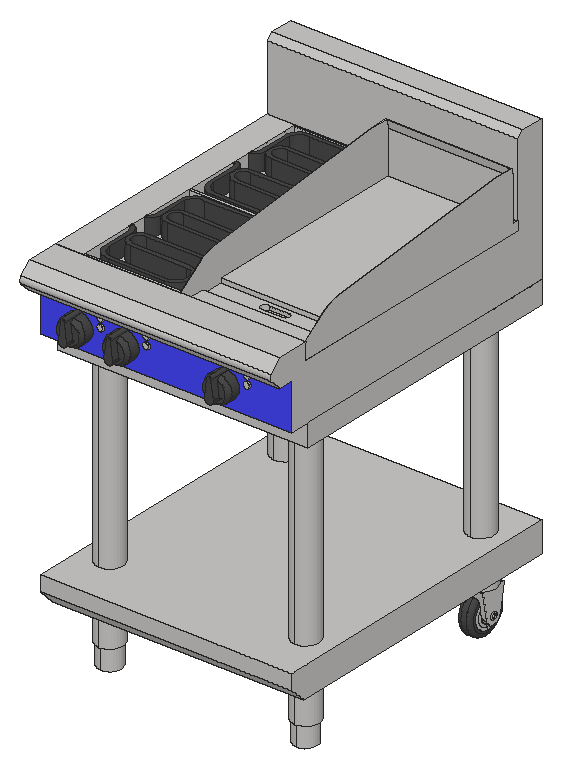
Revit family "QF_MOFFAT_BLUESEAL_CE_E514C-LS", category Specialty Equipment, Revit 2012
Parameters
  Weight in Pounds = 162  # constant formula
  Watts = 8200 W
  Volts = 400 V
  URL Cutsheet = "www.moffat.com"
  URL = "www.moffat.com"
  Type Mark [instance] = ""
  Status [instance] = ""
  Specification by User [instance] = ""
  Specification by Manufacturer = ""
  Show Logo [instance] = no
  Show Casters [instance] = yes
  Serial Number = ""
  Seismic Rating = ""
  SMACNA No = ""
  Revision Code [instance] = ""
  Phase = 3
  Omniclass Number and Title = ""
  Number of Poles = 1
  NAFEM Spec ID Number = ""
  Model = "E514C-LS"
  Min Ckt Ampacity = 0 A
  Max Overcurrent Protection = 0 A
  Masterspec = ""
  Manufacturer = "MOFFAT BLUESEAL"
  Legs [instance] = not(Show Casters)  # no
  Item Number [instance] = ""
  Installed By [instance] = ""
  Identify Quantity as Lot [instance] = yes
  HP = ""
  Furnished By [instance] = ""
  Foodservice Equipment Identifier [instance] = yes
  FL Amps = 20 A
  Electrical Remarks = "20A PER PHASE"
  Elec Conn RI Height = 0 mm
  Elec Conn Connection Height = 0 mm
  Description = "600MM ELECTRIC COOK TOP & GRIDDLE ON LEG STAND"
  Cycle = 50 Hz
  Conn Plug = ""
  Conn Conduit = yes
  CSI MasterFormat = ""
  CSI Master Format = ""
  Base Height [instance] = 150 mm
  Apparent Power = if(Phase = 3, Volts * FL Amps * 1.73, Volts * FL Amps)  # 13840 VA
Reference planes
  plane 1 "BACK": y = 0
  plane 2: z = 0
  plane 3 "LEFT": x = 0
  plane 4 "RIGHT": x = 600
  plane 5 "FRONT": y = -812
  plane 6 "TOP": z = 970
  plane 7 "Center Y": x = 300
  plane 8 "Center X": y = -406
  plane 9 "Base Height": z = 150
  plane 10: z = 915
  plane 11: y = -31
  plane 12: z = 710
  plane 13: x = 470
  plane 14: z = 1085
  plane 15: x = 534.646
  plane 16: x = 65.354
  plane 17: y = -625
  plane 18: y = -100
Forms (mm)
  Extrusion 1, solid, material "QF_Finishes_Stainless Steel"
    sketch origin (0, 0, 0) x (0, 1, 0) y (0, 0, 1)
      loop
        line (-749, 850) -> (-749, 740) -> (0, 740) -> (0, 1085) -> (-57.5, 1085) -> (-70, 1072.5) -> (-70, 875) -> (-705, 875) -> (-705, 915) -> (-783.97, 915) -> (-808.485, 890.485)
        arc (-808.485, 890.485) -> (-811.999, 882) -> (-808.485, 873.515) r 12
        line (-808.485, 873.515) -> (-784.97, 850) -> (-749, 850)
      loop
        line (0, 685) -> (0, 739.5) -> (-699, 739.5) -> (-699, 685) -> (0, 685)
      loop
        line (0, 222.5) -> (-749, 222.5) -> (-749, 186) -> (-713, 150) -> (0, 150) -> (0, 222.5)
    from 0 to 600
  Revolve 2, solid, material "QF_Finishes_Black"
    sketch origin (98.961, 7, 598.311) x (0, 1, 0) y (0, 0, -1)
      loop
        line (-789, -229.5) -> (-766, -229.5) -> (-766, -202) -> (-756, -202) -> (-756, -197) -> (-800, -197) -> (-800, -223.651) -> (-789, -229.5)
      axis (-800, -197) -> (-756, -197)
    angle from 0 to 360
  Extrusion 3, solid, material "QF_Finishes_Black"
    sketch origin (98.961, -759, 795.311) x (0, 0, 1) y (1, 0, 0)
      loop
        arc (32.192, -4.965) -> (37.079, 0.034) -> (32.192, 5.033) r 5
        line (32.192, 5.033) -> (-10.726, 10.453)
        arc (-10.726, 10.453) -> (-22.392, 0.618) -> (-11.893, -10.454) r 10.487
        line (-11.893, -10.454) -> (32.192, -4.965)
    from 0 to -49
  Extrusion 4, solid, material "QF_Finishes_Stainless Steel"
    sketch origin (0, 0, 222.5) x (0, -1, 0) y (1, 0, 0)
      loop
        circle (100, 65) r 31.75
      loop
        circle (625, 65) r 31.75
      loop
        circle (100, 535) r 31.75
      loop
        circle (625, 535) r 31.75
    from 0 to 462.5
  Revolve 5, solid, material "QF_Finishes_Stainless Steel", visible <- "Legs"
    sketch origin (65.5, -166, 0) x (0, 1, 0) y (0, 0, 1)
      loop
        line (34.25, 150) -> (34.25, 50) -> (38.5, 50) -> (38.5, 0) -> (66, 0) -> (66, 150) -> (34.25, 150)
      axis (66, 150) -> (66, 0)
    angle from 0 to 360
  Revolve 6, solid, material "QF_Finishes_Stainless Steel"
    sketch origin (65.5, -735, 0) x (0, 1, 0) y (0, 0, 1)
      loop
        line (78.25, 150) -> (78.25, 50) -> (82.5, 50) -> (82.5, 0) -> (110, 0) -> (110, 150) -> (78.25, 150)
      axis (110, 150) -> (110, 0)
    angle from 0 to 360
  Revolve 7, solid, material "QF_Finishes_Stainless Steel", visible <- "Legs"
    sketch origin (534.646, -166, -0.354) x (0, 1, 0) y (0, 0, -1)
      loop
        line (34.25, -150) -> (66, -150) -> (66, 0) -> (38.5, 0) -> (38.5, -50) -> (34.25, -50) -> (34.25, -150)
      axis (66, -150) -> (66, 0)
    angle from 0 to 360
  Revolve 8, solid, material "QF_Finishes_Stainless Steel"
    sketch origin (534.646, -728, -0.354) x (0, 1, 0) y (0, 0, -1)
      loop
        line (71.25, -150) -> (103, -150) -> (103, 0) -> (75.5, 0) -> (75.5, -50) -> (71.25, -50) -> (71.25, -150)
      axis (103, -150) -> (103, 0)
    angle from 0 to 360
  Extrusion 9, void
    sketch origin (0, -699, 740) x (0, -1, 0) y (1, 0, 0)
      loop
        circle (-668, 470) r 6.35
    from 0 to -62.281
  Extrusion 10, solid, material "QF_Finishes_Stainless Steel"
    sketch origin (-35, -749, 850) x (0, 0, -1) y (1, 0, 0)
      loop
        circle (44.61, 179) r 7.15
      loop
        circle (24.61, 179) r 7.15
    from 0 to 3.2
  Revolve 11, solid, material "QF_Finishes_Stainless Steel", visible <- "Show Casters"
    sketch origin (16.276, -100.755, -13.653) x (1, 0, 0) y (0, 0, 1)
      loop
        line (14.841, 63.604) -> (83.584, 63.604) -> (83.584, 67.109) -> (82.314, 68.379) -> (80.79, 68.379) -> (80.79, 71.826) -> (68.644, 71.826) -> (68.644, 81.79) -> (65.088, 83.843) -> (63.738, 92.179) -> (65.881, 92.179) -> (65.881, 98.529) -> (65.088, 98.529) -> (65.088, 104.879)
        arc (65.088, 104.879) -> (62.298, 111.614) -> (55.563, 114.404) r 9.525
        line (55.563, 114.404) -> (42.863, 114.404)
        arc (42.863, 114.404) -> (36.127, 111.614) -> (33.338, 104.879) r 9.525
        line (33.338, 104.879) -> (33.338, 98.529) -> (32.544, 98.529) -> (32.544, 92.179) -> (34.687, 92.179) -> (33.352, 83.932) -> (29.782, 81.871) -> (29.782, 71.826) -> (17.635, 71.826) -> (17.635, 68.379) -> (16.111, 68.379) -> (14.841, 67.109) -> (14.841, 63.604)
      axis (14.841, 63.604) -> (83.584, 63.604)
    angle from 0 to 360
  Extrusion 12, solid, material "QF_Finishes_Stainless Steel", visible <- "Show Casters"
    sketch origin (72.001, 132.353, -8.783) x (0, 1, 0) y (0, 0, 1)
      loop
        line (-200.603, 118.783) -> (-264.103, 118.783) -> (-251.746, 53.895)
        arc (-251.746, 53.895) -> (-232.353, 38.783) -> (-212.959, 53.895) r 20
        line (-212.959, 53.895) -> (-200.603, 118.783)
    from -35.667 to 22.923
  Revolve 13, solid, material "QF_Finishes_Stainless Steel", visible <- "Show Casters"
    sketch origin (65.5, -204, 0) x (0, 1, 0) y (0, 0, 1)
      loop
        line (68.25, 150) -> (68.25, 110) -> (104, 110) -> (104, 150) -> (68.25, 150)
      axis (104, 150) -> (104, 110)
    angle from 0 to 360
  Revolve 14, solid, material "QF_Finishes_Stainless Steel", visible <- "Legs"
    sketch origin (65.5, -166, 0) x (0, 1, 0) y (0, 0, 1)
      loop
        line (34.25, 150) -> (34.25, 50) -> (38.5, 50) -> (38.5, 0) -> (66, 0) -> (66, 150) -> (34.25, 150)
      axis (66, 150) -> (66, 0)
    angle from 0 to 360
  Revolve 15, solid, material "QF_Finishes_Stainless Steel", visible <- "Show Casters"
    sketch origin (485.423, -100.755, -14.006) x (1, 0, 0) y (0, 0, 1)
      loop
        line (14.841, 63.604) -> (83.584, 63.604) -> (83.584, 67.109) -> (82.314, 68.379) -> (80.79, 68.379) -> (80.79, 71.826) -> (68.644, 71.826) -> (68.644, 81.79) -> (65.088, 83.843) -> (63.738, 92.179) -> (65.881, 92.179) -> (65.881, 98.529) -> (65.088, 98.529) -> (65.088, 104.879)
        arc (65.088, 104.879) -> (62.298, 111.614) -> (55.563, 114.404) r 9.525
        line (55.563, 114.404) -> (42.863, 114.404)
        arc (42.863, 114.404) -> (36.127, 111.614) -> (33.338, 104.879) r 9.525
        line (33.338, 104.879) -> (33.338, 98.529) -> (32.544, 98.529) -> (32.544, 92.179) -> (34.687, 92.179) -> (33.352, 83.932) -> (29.782, 81.871) -> (29.782, 71.826) -> (17.635, 71.826) -> (17.635, 68.379) -> (16.111, 68.379) -> (14.841, 67.109) -> (14.841, 63.604)
      axis (14.841, 63.604) -> (83.584, 63.604)
    angle from 0 to 360
  Extrusion 16, solid, material "QF_Finishes_Stainless Steel", visible <- "Show Casters"
    sketch origin (541.147, 132.353, -9.137) x (0, 1, 0) y (0, 0, 1)
      loop
        line (-200.603, 118.783) -> (-264.103, 118.783) -> (-251.746, 53.895)
        arc (-251.746, 53.895) -> (-232.353, 38.783) -> (-212.959, 53.895) r 20
        line (-212.959, 53.895) -> (-200.603, 118.783)
    from -35.667 to 22.923
  Revolve 17, solid, material "QF_Finishes_Stainless Steel", visible <- "Show Casters"
    sketch origin (534.646, -204, -0.354) x (0, 1, 0) y (0, 0, 1)
      loop
        line (68.25, 150) -> (68.25, 110) -> (104, 110) -> (104, 150) -> (68.25, 150)
      axis (104, 150) -> (104, 110)
    angle from 0 to 360
  Revolve 18, solid, material "QF_Finishes_Black"
    sketch origin (208.961, 7, 598.311) x (0, 1, 0) y (0, 0, -1)
      loop
        line (-789, -229.5) -> (-766, -229.5) -> (-766, -202) -> (-756, -202) -> (-756, -197) -> (-800, -197) -> (-800, -223.651) -> (-789, -229.5)
      axis (-800, -197) -> (-756, -197)
    angle from 0 to 360
  Extrusion 19, solid, material "QF_Finishes_Black"
    sketch origin (208.961, -759, 795.311) x (0, 0, 1) y (1, 0, 0)
      loop
        arc (32.192, -4.965) -> (37.079, 0.034) -> (32.192, 5.033) r 5
        line (32.192, 5.033) -> (-10.726, 10.453)
        arc (-10.726, 10.453) -> (-22.392, 0.618) -> (-11.893, -10.454) r 10.487
        line (-11.893, -10.454) -> (32.192, -4.965)
    from 0 to -49
  Extrusion 20, solid, material "QF_Finishes_Stainless Steel"
    sketch origin (75, -749, 850) x (0, 0, -1) y (1, 0, 0)
      loop
        circle (44.61, 179) r 7.15
      loop
        circle (24.61, 179) r 7.15
    from 0 to 3.2
  Revolve 21, solid, material "QF_Finishes_Black"
    sketch origin (450, 7, 598.311) x (0, 1, 0) y (0, 0, -1)
      loop
        line (-789, -229.5) -> (-766, -229.5) -> (-766, -202) -> (-756, -202) -> (-756, -197) -> (-800, -197) -> (-800, -223.651) -> (-789, -229.5)
      axis (-800, -197) -> (-756, -197)
    angle from 0 to 360
  Extrusion 22, solid, material "QF_Finishes_Black"
    sketch origin (450, -759, 795.311) x (0, 0, 1) y (1, 0, 0)
      loop
        arc (32.192, -4.965) -> (37.079, 0.034) -> (32.192, 5.033) r 5
        line (32.192, 5.033) -> (-10.726, 10.453)
        arc (-10.726, 10.453) -> (-22.392, 0.618) -> (-11.893, -10.454) r 10.487
        line (-11.893, -10.454) -> (32.192, -4.965)
    from 0 to -49
  Extrusion 23, solid, material "QF_Finishes_Stainless Steel"
    sketch origin (316.039, -749, 850) x (0, 0, -1) y (1, 0, 0)
      loop
        circle (44.61, 179) r 7.15
      loop
        circle (24.61, 179) r 7.15
    from 0 to 3.2
Cuts and joins
  Extrusion 9 cuts Extrusion 1
Lines and regions (mm)
  Split face 1
    outline origin (600, 0, 1085) x (-1, 0, 0) y (0, -1, 0)
      loop
        arc (556, 18.385) -> (564.66, 23.385) -> (564.66, 33.385) r 10
        line (564.66, 33.385) -> (560.619, 40.385)
        arc (560.619, 40.385) -> (556.959, 44.045) -> (551.959, 45.385) r 10
        line (551.959, 45.385) -> (324, 45.385)
        arc (324, 45.385) -> (315.34, 40.385) -> (315.34, 30.385) r 10
        line (315.34, 30.385) -> (319.381, 23.385)
        arc (319.381, 23.385) -> (323.041, 19.725) -> (328.041, 18.385) r 10
        line (328.041, 18.385) -> (556, 18.385)
  Split face 2
    outline origin (600, 0, 1085) x (-1, 0, 0) y (0, -1, 0)
      loop
        arc (276, 18.385) -> (284.66, 23.385) -> (284.66, 33.385) r 10
        line (284.66, 33.385) -> (280.619, 40.385)
        arc (280.619, 40.385) -> (276.959, 44.045) -> (271.959, 45.385) r 10
        line (271.959, 45.385) -> (44, 45.385)
        arc (44, 45.385) -> (35.34, 40.385) -> (35.34, 30.385) r 10
        line (35.34, 30.385) -> (39.381, 23.385)
        arc (39.381, 23.385) -> (43.041, 19.725) -> (48.041, 18.385) r 10
        line (48.041, 18.385) -> (276, 18.385)
  symbolic lines, style "SpecialityEquipmentHiddenLines", visible <- "Show Casters"
    curve 1: line (78.456, -46.735, 0) -> (105.952, -62.61, 0)
    curve 2: line (27.656, -134.723, 0) -> (78.456, -46.735, 0)
    curve 3: line (55.152, -150.598, 0) -> (27.656, -134.723, 0)
    curve 4: line (105.952, -62.61, 0) -> (55.152, -150.598, 0)
    curve 5: line (548.456, -46.735, 0) -> (575.952, -62.61, 0)
    curve 6: line (497.656, -134.723, 0) -> (548.456, -46.735, 0)
    curve 7: line (525.152, -150.598, 0) -> (497.656, -134.723, 0)
    curve 8: line (575.952, -62.61, 0) -> (525.152, -150.598, 0)
  symbolic lines
    curve 9: line (271.959, -18.385, 0) -> (44, -18.385, 0)
    curve 10: arc (44, -18.385, 0) -> (35.34, -23.385, 0) -> (35.34, -33.385, 0) r 10
    curve 11: line (35.34, -33.385, 0) -> (39.381, -40.385, 0)
    curve 12: arc (39.381, -40.385, 0) -> (43.041, -44.045, 0) -> (48.041, -45.385, 0) r 10
    curve 13: line (48.041, -45.385, 0) -> (276, -45.385, 0)
    curve 14: arc (276, -45.385, 0) -> (284.66, -40.385, 0) -> (284.66, -30.385, 0) r 10
    curve 15: line (284.66, -30.385, 0) -> (280.619, -23.385, 0)
    curve 16: arc (280.619, -23.385, 0) -> (276.959, -19.725, 0) -> (271.959, -18.385, 0) r 10
    curve 17: line (324, -18.385, 0) -> (551.959, -18.385, 0)
    curve 18: arc (551.959, -18.385, 0) -> (556.959, -19.725, 0) -> (560.619, -23.385, 0) r 10
    curve 19: line (560.619, -23.385, 0) -> (564.66, -30.385, 0)
    curve 20: arc (564.66, -30.385, 0) -> (564.66, -40.385, 0) -> (556, -45.385, 0) r 10
    curve 21: line (556, -45.385, 0) -> (328.041, -45.385, 0)
    curve 22: arc (328.041, -45.385, 0) -> (323.041, -44.045, 0) -> (319.381, -40.385, 0) r 10
    curve 23: line (319.381, -40.385, 0) -> (315.34, -33.385, 0)
    curve 24: arc (315.34, -33.385, 0) -> (315.34, -23.385, 0) -> (324, -18.385, 0) r 10
    curve 25: line (0, -783.97, 0) -> (600, -783.97, 0)
    curve 26: line (0, 0, 0) -> (0, -811.999, 0)
    curve 27: line (600, -811.999, 0) -> (600, 0, 0)
    curve 28: line (600, -811.999, 0) -> (0, -811.999, 0)
    curve 29: line (0, -70, 0) -> (600, -70, 0)
    curve 30: line (0, -57.5, 0) -> (600, -57.5, 0)
    curve 31: line (600, 0, 0) -> (0, 0, 0)
Dimensions and locks
  equal spacing: plane 3 "LEFT", plane 7 "Center Y", plane 4 "RIGHT"
  plane 3 "LEFT" to plane 4 "RIGHT" = 600 mm
  equal spacing: plane 5 "FRONT", plane 8 "Center X", plane 1 "BACK"
  plane 5 "FRONT" to plane 1 "BACK" = 812 mm  (x2)
  equal spacing: plane 4 "RIGHT", plane 7 "Center Y", plane 3 "LEFT"
  plane 4 "RIGHT" to plane 3 "LEFT" = 600 mm
  "Base Height": plane 9 "Base Height" to level
  plane 6 "TOP" to level = 970 mm
  plane 10 to level = 915 mm
  plane 11 to plane 1 "BACK" = 31 mm
  plane 12 to level = 710 mm
  plane 13 to plane 4 "RIGHT" = 130 mm
  plane 14 to plane 2 = 1085 mm
  Revolve 11 sketch curve to Revolve 11 sketch curve = 50.8 mm
  Revolve 15 sketch curve to Revolve 15 sketch curve = 50.8 mm
  plane 2 to cut or joined group of Extrusion 1, Extrusion 9 = 740 mm
  Extrusion 9 sketch curve to plane 1 "BACK" = 31 mm
  plane 18 to plane 17 = 525 mm
  aligned and locked: level to plane 2
  aligned and locked: Extrusion 4 to cut or joined group of Extrusion 1, Extrusion 9
Automatic sketch dimensions
  plane 1 "BACK" to curve 31 = 0 mm
  curve 31 to plane 3 "LEFT" = 0 mm
  curve 27 to plane 4 "RIGHT" = 0 mm
  plane 3 "LEFT" to curve 3 = 27.656 mm
  curve 10 to plane 11 = 2.385 mm
  plane 16 to curve 10 = 30.014 mm
  curve 11 to curve 12 = 4.041 mm
  curve 10 to curve 9 = 8.66 mm
  curve 12 to plane 11 = 4.385 mm
  curve 10 to curve 12 = 4.041 mm
  plane 16 to curve 3 = 10.202 mm
  curve 2 to plane 16 = 13.102 mm
  plane 11 to curve 9 = 12.615 mm
  curve 9 to plane 7 "Center Y" = 28.041 mm
  curve 14 to plane 11 = 4.385 mm
  curve 16 to curve 14 = 4.041 mm
  plane 11 to curve 15 = 7.615 mm
  curve 16 to curve 15 = 8.66 mm
  plane 11 to curve 14 = 0.615 mm
  curve 15 to curve 14 = 4.041 mm
  curve 24 to plane 11 = 2.385 mm
  plane 7 "Center Y" to curve 24 = 15.34 mm
  curve 23 to plane 11 = 9.385 mm
  curve 23 to curve 23 = 4.041 mm
  plane 11 to curve 17 = 12.615 mm
  curve 24 to curve 17 = 8.66 mm
  curve 23 to curve 22 = 8.66 mm
  plane 13 to curve 7 = 27.656 mm
  curve 8 to plane 15 = 9.494 mm
  plane 15 to curve 6 = 13.809 mm
  plane 15 to curve 18 = 17.312 mm
  curve 5 to curve 21 = 7.544 mm
  plane 11 to curve 19 = 7.615 mm
  curve 17 to curve 19 = 8.66 mm
  plane 11 to curve 20 = 0.615 mm
  curve 18 to curve 20 = 4.041 mm
  curve 1 to plane 11 = 15.735 mm
  curve 5 to plane 11 = 15.735 mm
  curve 30 to plane 11 = 26.5 mm
  curve 4 to curve 1 = 15.875 mm
  curve 5 to curve 30 = 5.11 mm
  curve 29 to curve 30 = 12.5 mm
  curve 25 to plane 5 "FRONT" = 28.03 mm
  curve 28 to plane 5 "FRONT" = 0.001 mm
  curve 22 to curve 23 = 5 mm
  plane 10 to Extrusion 1 sketch curve = 0 mm
  Extrusion 1 sketch curve to plane 9 "Base Height" = 0 mm
  plane 14 to Extrusion 1 sketch curve = 0 mm
  Extrusion 1 sketch curve to plane 1 "BACK" = 0 mm  (x3)
  Extrusion 1 sketch curve to plane 11 = 26.5 mm
  plane 14 to Extrusion 1 sketch curve = 12.5 mm
  Extrusion 1 sketch curve to Extrusion 1 sketch curve = 12.5 mm
  Extrusion 1 sketch curve to plane 12 = 25 mm
  plane 17 to Extrusion 1 sketch curve = 74 mm
  plane 17 to Extrusion 1 sketch curve = 80 mm
  plane 17 to Extrusion 1 sketch curve = 88 mm
  Extrusion 1 sketch curve to Extrusion 1 sketch curve = 44 mm
  Extrusion 1 sketch curve to Extrusion 1 sketch curve = 36 mm
  Extrusion 1 sketch curve to plane 5 "FRONT" = 28.03 mm
  Extrusion 1 sketch curve to plane 5 "FRONT" = 27.03 mm
  Extrusion 1 sketch curve to plane 5 "FRONT" = 12.001 mm
  Extrusion 1 sketch curve to plane 5 "FRONT" = 3.515 mm  (x2)
  plane 9 "Base Height" to Extrusion 1 sketch curve = 36 mm
  plane 9 "Base Height" to Extrusion 1 sketch curve = 72.5 mm
  plane 12 to Extrusion 1 sketch curve = 29.5 mm
  Extrusion 1 sketch curve to Extrusion 1 sketch curve = 0.5 mm
  plane 10 to Extrusion 1 sketch curve = 65 mm
  Extrusion 1 sketch curve to Extrusion 1 sketch curve = 23.515 mm
  plane 10 to Extrusion 1 sketch curve = 40 mm
  Extrusion 1 sketch curve to Extrusion 1 sketch curve = 8.485 mm
  Revolve 2 sketch curve to plane 5 "FRONT" = 19 mm
  Revolve 2 sketch curve to Revolve 2 sketch curve = 0 mm  (x2)
  Revolve 2 sketch curve to Revolve 2 sketch curve = 11 mm
  Revolve 2 sketch curve to Revolve 2 sketch curve = 12.7 mm
  Revolve 2 sketch curve to Revolve 2 sketch curve = 23 mm
  Revolve 2 sketch curve to Revolve 2 sketch curve = 10 mm
  plane 10 to Revolve 2 sketch curve = 87.189 mm
  Revolve 2 sketch curve to Revolve 2 sketch curve = 5.849 mm
  Revolve 2 sketch curve to Revolve 2 sketch curve = 27.5 mm
  Revolve 2 sketch curve to Revolve 2 sketch curve = 5 mm
  Extrusion 3 sketch curve to Revolve 2 = 0.034 mm  (x2)
  Revolve 2 to Extrusion 3 sketch curve = 10.454 mm
  Extrusion 3 sketch curve to Extrusion 3 sketch curve = 0.028 mm
  Extrusion 3 sketch curve to Revolve 2 = 10.453 mm
  Extrusion 3 sketch curve to Extrusion 3 sketch curve = 44 mm
  Extrusion 3 sketch curve to Revolve 2 = 5.033 mm
  Extrusion 3 sketch curve to Extrusion 3 sketch curve = 0.113 mm
  Revolve 2 to Extrusion 3 sketch curve = 4.965 mm
  Extrusion 4 sketch curve to Extrusion 4 sketch curve = 0 mm  (x8)
  Extrusion 1 to Extrusion 4 sketch curve = 68.25 mm  (x2)
  Extrusion 4 sketch curve to Extrusion 4 sketch curve = 31.75 mm  (x4)
  Extrusion 4 sketch curve to Extrusion 1 = 155.75 mm  (x2)
  Extrusion 1 to Extrusion 4 sketch curve = 65 mm  (x4)
  Revolve 5 sketch curve to plane 9 "Base Height" = 0 mm
  Revolve 5 sketch curve to level = 0 mm
  Revolve 5 sketch curve to plane 18 = 0 mm  (x2)
  plane 18 to Revolve 5 sketch curve = 27.5 mm
  plane 18 to Revolve 5 sketch curve = 31.75 mm
  Revolve 5 sketch curve to Revolve 5 sketch curve = 55 mm
  level to Revolve 5 sketch curve = 50 mm
  Revolve 5 sketch curve to Revolve 5 sketch curve = 0 mm
  Revolve 6 sketch curve to plane 9 "Base Height" = 0 mm
  Revolve 6 sketch curve to level = 0 mm
  Revolve 6 sketch curve to plane 17 = 0 mm  (x2)
  Revolve 6 sketch curve to Revolve 6 sketch curve = 27.5 mm
  Revolve 6 sketch curve to Revolve 6 sketch curve = 31.75 mm
  Revolve 6 sketch curve to Revolve 6 sketch curve = 55 mm
  level to Revolve 6 sketch curve = 50 mm
  Revolve 6 sketch curve to Revolve 6 sketch curve = 0 mm
  Revolve 7 sketch curve to plane 18 = 0 mm  (x2)
  Revolve 7 sketch curve to level = 0.354 mm
  plane 18 to Revolve 7 sketch curve = 27.5 mm
  Revolve 7 sketch curve to plane 9 "Base Height" = 0.354 mm
  plane 18 to Revolve 7 sketch curve = 31.75 mm
  level to Revolve 7 sketch curve = 49.646 mm
  Revolve 7 sketch curve to Revolve 7 sketch curve = 0 mm
  Revolve 7 sketch curve to Revolve 7 sketch curve = 55 mm
  Revolve 8 sketch curve to plane 17 = 0 mm  (x2)
  Revolve 8 sketch curve to level = 0.354 mm
  Revolve 8 sketch curve to Revolve 8 sketch curve = 27.5 mm
  Revolve 8 sketch curve to plane 9 "Base Height" = 0.354 mm
  plane 17 to Revolve 8 sketch curve = 31.75 mm
  level to Revolve 8 sketch curve = 49.646 mm
  Revolve 8 sketch curve to Revolve 8 sketch curve = 0 mm
  Revolve 8 sketch curve to Revolve 8 sketch curve = 55 mm
  Extrusion 9 sketch curve to Extrusion 1 = 130 mm
  Split face 1 sketch curve to cut or joined group of Extrusion 1, Extrusion 9 = 27.115 mm
  Split face 1 sketch curve to cut or joined group of Extrusion 1, Extrusion 9 = 284.66 mm
  Split face 1 sketch curve to Split face 1 sketch curve = 4.041 mm  (x4)
  Split face 1 sketch curve to Split face 1 sketch curve = 8.66 mm  (x2)
  Split face 1 sketch curve to cut or joined group of Extrusion 1, Extrusion 9 = 12.115 mm
  Split face 1 sketch curve to cut or joined group of Extrusion 1, Extrusion 9 = 48.041 mm
  Split face 1 sketch curve to Split face 1 sketch curve = 7 mm  (x3)
  Split face 1 sketch curve to Split face 1 sketch curve = 17 mm
  Split face 2 sketch curve to cut or joined group of Extrusion 1, Extrusion 9 = 35.34 mm
  Split face 2 sketch curve to Split face 2 sketch curve = 4.041 mm  (x4)
  Split face 2 sketch curve to Split face 2 sketch curve = 8.66 mm  (x2)
  Split face 2 sketch curve to cut or joined group of Extrusion 1, Extrusion 9 = 12.115 mm
  Split face 2 sketch curve to Split face 2 sketch curve = 223.917 mm
  Split face 2 sketch curve to Split face 2 sketch curve = 5 mm
  Split face 2 sketch curve to Split face 2 sketch curve = 10 mm
  Split face 2 sketch curve to Split face 2 sketch curve = 7 mm  (x3)
  Extrusion 10 sketch curve to Extrusion 1 = 24.61 mm
  Extrusion 10 sketch curve to Extrusion 10 sketch curve = 20 mm
  Extrusion 1 to Extrusion 10 sketch curve = 144 mm
  Extrusion 10 sketch curve to Extrusion 10 sketch curve = 0 mm
  plane 3 "LEFT" to Revolve 11 sketch curve = 31.118 mm
  Revolve 11 sketch curve to Revolve 11 sketch curve = 1.27 mm  (x4)
  Revolve 11 sketch curve to Revolve 11 sketch curve = 1.524 mm  (x2)
  Revolve 11 sketch curve to Revolve 11 sketch curve = 12.146 mm  (x2)
  plane 16 to Revolve 11 sketch curve = 16.533 mm
  Revolve 11 sketch curve to Revolve 11 sketch curve = 0.794 mm  (x2)
  Revolve 11 sketch curve to Revolve 11 sketch curve = 3.57 mm
  Revolve 11 sketch curve to Revolve 11 sketch curve = 2.143 mm
  plane 16 to Revolve 11 sketch curve = 6.215 mm
  Revolve 11 sketch curve to plane 16 = 5.276 mm
  Revolve 11 sketch curve to plane 16 = 6.485 mm
  Revolve 11 sketch curve to plane 16 = 14.661 mm
  Revolve 11 sketch curve to Revolve 11 sketch curve = 1.349 mm  (x2)
  Revolve 11 sketch curve to Revolve 11 sketch curve = 3.556 mm
  Revolve 11 sketch curve to Revolve 11 sketch curve = 33.32 mm
  level to Revolve 11 sketch curve = 49.952 mm
  Revolve 11 sketch curve to Revolve 11 sketch curve = 0 mm
  Revolve 11 sketch curve to Revolve 11 sketch curve = 3.505 mm  (x2)
  Revolve 11 sketch curve to Revolve 11 sketch curve = 3.447 mm  (x2)
  Revolve 11 sketch curve to Revolve 11 sketch curve = 9.964 mm
  Revolve 11 sketch curve to Revolve 11 sketch curve = 10.045 mm
  Revolve 11 sketch curve to Revolve 11 sketch curve = 2.053 mm
  Revolve 11 sketch curve to Revolve 11 sketch curve = 2.061 mm
  Revolve 11 sketch curve to Revolve 11 sketch curve = 8.247 mm
  Revolve 11 sketch curve to Revolve 11 sketch curve = 8.336 mm
  Revolve 11 sketch curve to Revolve 11 sketch curve = 6.35 mm  (x2)
  Extrusion 12 sketch curve to plane 18 = 0 mm
  plane 18 to Extrusion 12 sketch curve = 19.393 mm
  plane 18 to Extrusion 12 sketch curve = 31.75 mm
  Extrusion 12 sketch curve to plane 18 = 19.393 mm
  Extrusion 12 sketch curve to plane 18 = 31.75 mm
  level to Extrusion 12 sketch curve = 45.111 mm
  Extrusion 12 sketch curve to Extrusion 12 sketch curve = 4.889 mm
  Extrusion 12 sketch curve to plane 9 "Base Height" = 40 mm
  Revolve 13 sketch curve to plane 9 "Base Height" = 0 mm
  Revolve 13 sketch curve to plane 18 = 0 mm  (x2)
  plane 18 to Revolve 13 sketch curve = 35.75 mm
  Revolve 13 sketch curve to Revolve 13 sketch curve = 40 mm
  level to Revolve 13 sketch curve = 50 mm
  Revolve 13 sketch curve to level = 55 mm
  Revolve 14 sketch curve to plane 9 "Base Height" = 0 mm
  Revolve 14 sketch curve to level = 0 mm
  Revolve 14 sketch curve to plane 18 = 0 mm  (x2)
  plane 18 to Revolve 14 sketch curve = 27.5 mm
  plane 18 to Revolve 14 sketch curve = 31.75 mm
  Revolve 14 sketch curve to Revolve 14 sketch curve = 55 mm
  level to Revolve 14 sketch curve = 50 mm
  Revolve 14 sketch curve to Revolve 14 sketch curve = 0 mm
  plane 13 to Revolve 15 sketch curve = 30.264 mm
  Revolve 15 sketch curve to Revolve 15 sketch curve = 1.27 mm  (x4)
  Revolve 15 sketch curve to Revolve 15 sketch curve = 1.524 mm  (x2)
  Revolve 15 sketch curve to Revolve 15 sketch curve = 12.146 mm  (x2)
  Revolve 15 sketch curve to plane 15 = 16.68 mm
  Revolve 15 sketch curve to Revolve 15 sketch curve = 0.794 mm  (x2)
  Revolve 15 sketch curve to Revolve 15 sketch curve = 3.57 mm
  Revolve 15 sketch curve to Revolve 15 sketch curve = 2.143 mm
  Revolve 15 sketch curve to plane 15 = 6.361 mm
  plane 15 to Revolve 15 sketch curve = 5.13 mm
  plane 15 to Revolve 15 sketch curve = 6.339 mm
  plane 15 to Revolve 15 sketch curve = 14.515 mm
  Revolve 15 sketch curve to Revolve 15 sketch curve = 1.349 mm  (x2)
  Revolve 15 sketch curve to Revolve 15 sketch curve = 3.556 mm
  Revolve 15 sketch curve to plane 4 "RIGHT" = 2.327 mm
  level to Revolve 15 sketch curve = 49.598 mm
  Revolve 15 sketch curve to Revolve 15 sketch curve = 0 mm
  Revolve 15 sketch curve to Revolve 15 sketch curve = 3.505 mm  (x2)
  Revolve 15 sketch curve to Revolve 15 sketch curve = 3.447 mm  (x2)
  Revolve 15 sketch curve to Revolve 15 sketch curve = 9.964 mm
  Revolve 15 sketch curve to Revolve 15 sketch curve = 10.045 mm
  Revolve 15 sketch curve to Revolve 15 sketch curve = 2.053 mm
  Revolve 15 sketch curve to Revolve 15 sketch curve = 2.061 mm
  Revolve 15 sketch curve to Revolve 15 sketch curve = 8.247 mm
  Revolve 15 sketch curve to Revolve 15 sketch curve = 8.336 mm
  Revolve 15 sketch curve to Revolve 15 sketch curve = 6.35 mm  (x2)
  Extrusion 16 sketch curve to plane 18 = 0 mm
  plane 18 to Extrusion 16 sketch curve = 19.393 mm
  plane 18 to Extrusion 16 sketch curve = 31.75 mm
  Extrusion 16 sketch curve to plane 18 = 19.393 mm
  Extrusion 16 sketch curve to plane 18 = 31.75 mm
  level to Extrusion 16 sketch curve = 44.758 mm
  Extrusion 16 sketch curve to Extrusion 16 sketch curve = 4.889 mm
  Extrusion 16 sketch curve to plane 9 "Base Height" = 40.354 mm
  Revolve 17 sketch curve to plane 18 = 0 mm  (x2)
  Revolve 17 sketch curve to plane 9 "Base Height" = 0.354 mm
  plane 18 to Revolve 17 sketch curve = 35.75 mm
  Revolve 17 sketch curve to Revolve 17 sketch curve = 40 mm
  level to Revolve 17 sketch curve = 49.646 mm
  Revolve 17 sketch curve to level = 55.354 mm
  Revolve 18 sketch curve to plane 5 "FRONT" = 19 mm
  Revolve 18 sketch curve to Revolve 18 sketch curve = 0 mm  (x2)
  Revolve 18 sketch curve to Revolve 18 sketch curve = 11 mm
  Revolve 18 sketch curve to Revolve 18 sketch curve = 12.7 mm
  Revolve 18 sketch curve to Revolve 18 sketch curve = 23 mm
  Revolve 18 sketch curve to Revolve 18 sketch curve = 10 mm
  plane 10 to Revolve 18 sketch curve = 87.189 mm
  Revolve 18 sketch curve to Revolve 18 sketch curve = 5.849 mm
  Revolve 18 sketch curve to Revolve 18 sketch curve = 27.5 mm
  Revolve 18 sketch curve to Revolve 18 sketch curve = 5 mm
  Extrusion 19 sketch curve to Revolve 18 = 0.034 mm  (x2)
  Revolve 18 to Extrusion 19 sketch curve = 10.454 mm
  Extrusion 19 sketch curve to Extrusion 19 sketch curve = 0.028 mm
  Extrusion 19 sketch curve to Revolve 18 = 10.453 mm
  Extrusion 19 sketch curve to Extrusion 19 sketch curve = 44 mm
  Extrusion 19 sketch curve to Revolve 18 = 5.033 mm
  Extrusion 19 sketch curve to Extrusion 19 sketch curve = 0.113 mm
  Revolve 18 to Extrusion 19 sketch curve = 4.965 mm
  Extrusion 20 sketch curve to Extrusion 1 = 24.61 mm
  Extrusion 20 sketch curve to Extrusion 20 sketch curve = 20 mm
  Extrusion 1 to Extrusion 20 sketch curve = 254 mm
  Extrusion 20 sketch curve to Extrusion 20 sketch curve = 0 mm
  Revolve 21 sketch curve to plane 5 "FRONT" = 19 mm
  Revolve 21 sketch curve to Revolve 21 sketch curve = 0 mm  (x2)
  Revolve 21 sketch curve to Revolve 21 sketch curve = 11 mm
  Revolve 21 sketch curve to Revolve 21 sketch curve = 12.7 mm
  Revolve 21 sketch curve to Revolve 21 sketch curve = 23 mm
  Revolve 21 sketch curve to Revolve 21 sketch curve = 10 mm
  plane 10 to Revolve 21 sketch curve = 87.189 mm
  Revolve 21 sketch curve to Revolve 21 sketch curve = 5.849 mm
  Revolve 21 sketch curve to Revolve 21 sketch curve = 27.5 mm
  Revolve 21 sketch curve to Revolve 21 sketch curve = 5 mm
  Extrusion 22 sketch curve to Revolve 21 = 0.034 mm  (x2)
  Revolve 21 to Extrusion 22 sketch curve = 10.454 mm
  Extrusion 22 sketch curve to Extrusion 22 sketch curve = 0.028 mm
  Extrusion 22 sketch curve to Revolve 21 = 10.453 mm
  Extrusion 22 sketch curve to Extrusion 22 sketch curve = 44 mm
  Extrusion 22 sketch curve to Revolve 21 = 5.033 mm
  Extrusion 22 sketch curve to Extrusion 22 sketch curve = 0.113 mm
  Revolve 21 to Extrusion 22 sketch curve = 4.965 mm
  Extrusion 23 sketch curve to Extrusion 1 = 24.61 mm
  Extrusion 23 sketch curve to Extrusion 23 sketch curve = 20 mm
  Extrusion 1 to Extrusion 23 sketch curve = 104.961 mm
  Extrusion 23 sketch curve to Extrusion 23 sketch curve = 0 mm
  radius of Extrusion 9 sketch curve = 6.35 mm
  radius of Extrusion 10 sketch curve = 7.15 mm  (x2)
  radius of Extrusion 20 sketch curve = 7.15 mm  (x2)
  radius of Extrusion 23 sketch curve = 7.15 mm  (x2)
Nested families
  nested 1: "WALDORF LOGO_FACE BASE" at (32, -70, 1057.475) x (1, 0, 0) z (0, -1, 0), visible <- "Show Logo", type "WALDORF LOGO_FACE BASE", detail levels medium+fine
    with Show Logo yes
  nested 2: "ELECTRIC BURNER & GRIDDLE 600" at (0, -70.003, 875), type "ELECTRIC BURNER & GRIDDLE 600"
    with Width 600 mm, Type Mark "", Status "", Specification by User "", Revision Code "", Item Number "", Installed By "", Identify Quantity as Lot yes, Furnished By "", Foodservice Equipment Identifier yes, Depth 635 mm
Connectors
  electrical at (470, -31, 740), driven by "Volts", driven by "Watts"
    settings: on Extrusion 9, index 1, voltage 400 V, apparent load 8200 VA, apparent load phase1 0 VA, apparent load phase2 0 VA, apparent load phase3 0 VA, power factor 1, load classification "Other", number of poles 1, system type 30, power factor state 1, is connector primary yes, connector utility no, sub classification motor no, connector description "ELECTRICAL CONNECTION"
Definition of nested family "WALDORF LOGO_FACE BASE"
  Parameters (values of type "WALDORF LOGO_FACE BASE")
    Show Logo [instance] = yes
    Default Elevation = 1219.2 mm
  Reference planes
    plane 1 "Center (Front/Back)": y = 0
    plane 2: z = 0
    plane 3 "Center (Left/Right)": x = 0
  Forms (mm)
    Extrusion 1, solid
      sketch origin (0, 0, 0) x (1, 0, 0) y (0, 1, 0)
        loop
          line (-1219.2, 1219.2) -> (-1219.2, -1219.2) -> (1219.2, -1219.2) -> (1219.2, 1219.2) -> (-1219.2, 1219.2)
      from 0 to -304.8
    Extrusion 2, solid, material "QF_Finishes_Blue", visible <- "Show Logo"
      sketch origin (0, -33.217, 0) x (1, 0, 0) y (0, 1, 0)
        loop
          arc (138, 31.942) -> (137.626, 32.844) -> (136.724, 33.217) r 1.276
          line (136.724, 33.217) -> (1.29, 33.217)
          arc (1.29, 33.217) -> (0.378, 32.839) -> (0, 31.927) r 1.29
          line (0, 31.927) -> (0, 11.507)
          arc (0, 11.507) -> (0.378, 10.595) -> (1.29, 10.217) r 1.29
          line (1.29, 10.217) -> (136.71, 10.217)
          arc (136.71, 10.217) -> (137.622, 10.595) -> (138, 11.507) r 1.29
          line (138, 11.507) -> (138, 31.942)
      from 0 to 1.588
    Extrusion 3, solid, material "QF_Finishes_White", visible <- "Show Logo"
      sketch origin (0, -33.217, 1.588) x (1, 0, 0) y (0, 1, 0)
        loop
          arc (108.946, 25.919) -> (107.613, 25.367) -> (107.061, 24.034) r 1.885
          line (107.061, 24.034) -> (107.061, 17.211) -> (112.704, 17.211) -> (112.704, 19.129) -> (115.546, 19.129) -> (115.546, 17.211) -> (121.584, 17.211) -> (121.584, 24.075)
          arc (121.584, 24.075) -> (121.043, 25.379) -> (119.739, 25.919) r 1.845
          line (119.739, 25.919) -> (108.946, 25.919)
        loop
          line (123.478, 25.919) -> (123.478, 17.163) -> (134.904, 17.163) -> (134.904, 19.129) -> (129.246, 19.129) -> (129.246, 25.919) -> (123.478, 25.919)
        loop
          line (112.704, 21.258) -> (115.546, 21.258) -> (115.546, 22.702)
          arc (115.546, 22.702) -> (115.344, 23.188) -> (114.858, 23.389) r 0.687
          line (114.858, 23.389) -> (113.363, 23.389)
          arc (113.363, 23.389) -> (112.897, 23.196) -> (112.704, 22.73) r 0.658
          line (112.704, 22.73) -> (112.704, 21.258)
        loop
          line (105.071, 25.919) -> (93.771, 25.919) -> (93.771, 17.163) -> (105.071, 17.163) -> (105.071, 19.063) -> (99.535, 19.063) -> (99.535, 20.437) -> (105.071, 20.437) -> (105.071, 22.278) -> (99.535, 22.278) -> (99.535, 23.587) -> (105.071, 23.587) -> (105.071, 25.919)
        loop
          line (91.104, 25.919) -> (79.541, 25.919)
          arc (79.541, 25.919) -> (78.558, 25.513) -> (78.152, 24.53) r 1.389
          line (78.152, 24.53) -> (78.152, 22.08)
          arc (78.152, 22.08) -> (78.558, 21.098) -> (79.541, 20.691) r 1.389
          line (79.541, 20.691) -> (86.346, 20.691) -> (86.346, 18.864) -> (83.266, 18.864) -> (83.266, 19.664) -> (78.152, 19.664) -> (78.152, 18.553)
          arc (78.152, 18.553) -> (78.558, 17.57) -> (79.541, 17.163) r 1.389
          line (79.541, 17.163) -> (91.063, 17.163)
          arc (91.063, 17.163) -> (92.045, 17.57) -> (92.452, 18.553) r 1.389
          line (92.452, 18.553) -> (92.452, 20.691)
          arc (92.452, 20.691) -> (92.045, 21.673) -> (91.063, 22.08) r 1.389
          line (91.063, 22.08) -> (83.266, 22.08) -> (83.266, 23.984) -> (86.346, 23.984) -> (86.346, 22.743) -> (92.452, 22.743) -> (92.452, 24.571)
          arc (92.452, 24.571) -> (92.057, 25.524) -> (91.104, 25.919) r 1.348
        loop
          line (70.705, 25.919) -> (59.405, 25.919) -> (59.405, 17.163) -> (70.705, 17.163) -> (70.705, 19.063) -> (65.169, 19.063) -> (65.169, 20.437) -> (70.705, 20.437) -> (70.705, 22.278) -> (65.169, 22.278) -> (65.169, 23.587) -> (70.705, 23.587) -> (70.705, 25.919)
        loop
          line (57.598, 25.919) -> (51.7, 25.919) -> (51.7, 20.18)
          arc (51.7, 20.18) -> (50.63, 19.11) -> (49.56, 20.18) r 1.07
          line (49.56, 20.18) -> (49.56, 25.919) -> (43.663, 25.919) -> (43.663, 19.049)
          arc (43.663, 19.049) -> (44.215, 17.716) -> (45.548, 17.163) r 1.885
          line (45.548, 17.163) -> (55.71, 17.163)
          arc (55.71, 17.163) -> (57.045, 17.716) -> (57.598, 19.051) r 1.887
          line (57.598, 19.051) -> (57.598, 25.919)
        loop
          line (31.62, 25.919) -> (31.62, 17.163) -> (43.046, 17.163) -> (43.046, 19.129) -> (37.388, 19.129) -> (37.388, 25.919) -> (31.62, 25.919)
        loop
          line (15.969, 25.919) -> (15.969, 17.163) -> (28.693, 17.163)
          arc (28.693, 17.163) -> (29.812, 17.627) -> (30.276, 18.746) r 1.582
          line (30.276, 18.746) -> (30.276, 20.447) -> (29.48, 21.243) -> (30.276, 22.039) -> (30.276, 24.332)
          arc (30.276, 24.332) -> (29.811, 25.454) -> (28.688, 25.919) r 1.587
          line (28.688, 25.919) -> (15.969, 25.919)
        loop
          line (21.449, 24.159) -> (21.449, 22.436) -> (23.862, 22.436)
          arc (23.862, 22.436) -> (24.723, 23.298) -> (23.862, 24.159) r 0.861
          line (23.862, 24.159) -> (21.449, 24.159)
        loop
          line (21.449, 20.244) -> (21.449, 18.522) -> (23.862, 18.522)
          arc (23.862, 18.522) -> (24.723, 19.383) -> (23.862, 20.244) r 0.861
          line (23.862, 20.244) -> (21.449, 20.244)
      from 0 to 0.2
    Extrusion 4, solid, material "QF_Finishes_Blue", visible <- "Show Logo"
      sketch origin (-126.498, -31.09, 1.588) x (1, 0, 0) y (0, 1, 0)
        loop
          line (136.738, 23.522) -> (136.738, 15.1)
          arc (136.738, 15.1) -> (140.756, 19.311) -> (136.738, 23.522) r 4.216
      from 0 to 0.2
    Extrusion 5, solid, material "QF_Finishes_Red", visible <- "Show Logo"
      sketch origin (146.849, -31.09, 1.588) x (-1, 0, 0) y (0, -1, 0)
        loop
          arc (136.738, -23.522) -> (140.756, -19.311) -> (136.738, -15.1) r 4.216
          line (136.738, -15.1) -> (136.738, -23.522)
      from 0 to 0.2
  Lines and regions (mm)
    Split face 1
      outline origin (-90.35, -30.793, 1.588) x (1, 0, 0) y (0, 1, 0)
        loop
          circle (100.54, 19.013) r 4.536
  Dimensions and locks
    aligned and locked: plane 2 to Extrusion 1
    aligned and locked: level to Extrusion 1
Definition of nested family "ELECTRIC BURNER & GRIDDLE 600"
  Parameters (values of type "ELECTRIC BURNER & GRIDDLE 600")
    Width [instance] = 600 mm
    Weight in Pounds = 0
    URL Cutsheet = ""
    Type Mark [instance] = ""
    Status [instance] = ""
    Specification by User [instance] = ""
    Specification by Manufacturer = ""
    Serial Number = ""
    Seismic Rating = ""
    SMACNA No = ""
    Revision Code [instance] = ""
    Omniclass Number and Title = ""
    NAFEM Spec ID Number = ""
    Masterspec = ""
    Item Number [instance] = ""
    Installed By [instance] = ""
    Identify Quantity as Lot [instance] = yes
    Furnished By [instance] = ""
    Foodservice Equipment Identifier [instance] = yes
    Depth [instance] = 635 mm
    CSI MasterFormat = ""
    CSI Master Format = ""
  Reference planes
    plane 1 "BACK": y = 0
    plane 2: z = 0
    plane 3 "LEFT": x = 0
    plane 4 "RIGHT": x = 600
    plane 5 "FRONT": y = -635
    plane 6 "TOP": z = 142.5
    plane 7 "Center Y": x = 300
    plane 8 "Center X": y = -317.5
    plane 9: x = 65.8
    plane 10: y = -70
  Forms (mm)
    Extrusion 1, solid, material "QF_Finishes_Stainless Steel"
      sketch origin (0, 1, 0) x (0, -1, 0) y (1, 0, 0)
        loop
          line (1, 0) -> (636, 0) -> (636, 300) -> (1, 300) -> (1, 0)
        loop
          line (631, 65.8) -> (631, 294.362) -> (321.251, 294.362) -> (321.251, 65.8) -> (631, 65.8)
        loop
          line (6, 294.362) -> (6, 65.8) -> (313.651, 65.8) -> (313.651, 294.362) -> (6, 294.362)
      from 0 to 40
    Extrusion 2, solid, material "QF_Finishes_Black"
      sketch origin (0, 15.7, 0) x (0, -1, 0) y (1, 0, 0)
        loop
          arc (156.993, 65.612) -> (148.172, 80.048) -> (132.304, 85.912) r 25.79
          line (132.304, 85.912) -> (61.096, 85.912)
          arc (61.096, 85.912) -> (42.545, 94.459) -> (35.45, 113.612) r 26.722
          line (35.45, 113.612) -> (35.45, 246.212)
          arc (35.45, 246.212) -> (63.15, 273.912) -> (90.85, 246.212) r 27.7
          line (90.85, 246.212) -> (90.85, 113.769)
          arc (90.85, 113.769) -> (118.55, 86.069) -> (146.25, 113.769) r 27.7
          line (146.25, 113.769) -> (146.25, 246.212)
          arc (146.25, 246.212) -> (173.95, 273.912) -> (201.65, 246.212) r 27.7
          line (201.65, 246.212) -> (201.65, 114.237)
          arc (201.65, 114.237) -> (229.35, 86.537) -> (257.05, 114.237) r 27.7
          line (257.05, 114.237) -> (257.05, 246.212)
          arc (257.05, 246.212) -> (284.75, 273.912) -> (312.45, 246.212) r 27.7
          line (312.45, 246.212) -> (312.45, 113.612)
          arc (312.45, 113.612) -> (305.355, 94.459) -> (286.804, 85.912) r 26.722
          line (286.804, 85.912) -> (215.596, 85.912)
          arc (215.596, 85.912) -> (199.705, 80.037) -> (190.819, 65.612) r 25.973
          line (190.819, 65.612) -> (201.232, 65.612)
          arc (201.232, 65.612) -> (206.91, 72.964) -> (215.719, 75.912) r 15.973
          line (215.719, 75.912) -> (286.986, 75.912)
          arc (286.986, 75.912) -> (312.551, 87.513) -> (322.45, 113.784) r 36.722
          line (322.45, 113.784) -> (322.45, 246.212)
          arc (322.45, 246.212) -> (284.75, 283.912) -> (247.05, 246.212) r 37.7
          line (247.05, 246.212) -> (247.05, 113.612)
          arc (247.05, 113.612) -> (229.35, 95.912) -> (211.65, 113.612) r 17.7
          line (211.65, 113.612) -> (211.65, 246.212)
          arc (211.65, 246.212) -> (173.95, 283.912) -> (136.25, 246.212) r 37.7
          line (136.25, 246.212) -> (136.25, 113.612)
          arc (136.25, 113.612) -> (118.55, 95.912) -> (100.85, 113.612) r 17.7
          line (100.85, 113.612) -> (100.85, 246.212)
          arc (100.85, 246.212) -> (63.15, 283.912) -> (25.45, 246.212) r 37.7
          line (25.45, 246.212) -> (25.45, 113.784)
          arc (25.45, 113.784) -> (35.349, 87.513) -> (60.914, 75.912) r 36.722
          line (60.914, 75.912) -> (132.193, 75.912)
          arc (132.193, 75.912) -> (140.976, 72.972) -> (146.6, 65.612) r 15.79
          line (146.6, 65.612) -> (156.993, 65.612)
        loop
          arc (469.581, 65.612) -> (460.695, 80.037) -> (444.804, 85.912) r 25.973
          line (444.804, 85.912) -> (373.596, 85.912)
          arc (373.596, 85.912) -> (355.045, 94.459) -> (347.95, 113.612) r 26.722
          line (347.95, 113.612) -> (347.95, 246.212)
          arc (347.95, 246.212) -> (375.65, 273.912) -> (403.35, 246.212) r 27.7
          line (403.35, 246.212) -> (403.35, 114.862)
          arc (403.35, 114.862) -> (431.05, 87.162) -> (458.75, 114.862) r 27.7
          line (458.75, 114.862) -> (458.75, 246.212)
          arc (458.75, 246.212) -> (486.45, 273.912) -> (514.15, 246.212) r 27.7
          line (514.15, 246.212) -> (514.15, 114.862)
          arc (514.15, 114.862) -> (541.85, 87.162) -> (569.55, 114.862) r 27.7
          line (569.55, 114.862) -> (569.55, 246.212)
          arc (569.55, 246.212) -> (597.25, 273.912) -> (624.95, 246.212) r 27.7
          line (624.95, 246.212) -> (624.95, 113.612)
          arc (624.95, 113.612) -> (617.855, 94.459) -> (599.304, 85.912) r 26.722
          line (599.304, 85.912) -> (528.096, 85.912)
          arc (528.096, 85.912) -> (511.987, 79.848) -> (503.282, 65) r 25.79
          line (503.282, 65) -> (513.588, 65)
          arc (513.588, 65) -> (519.162, 72.781) -> (528.207, 75.912) r 15.79
          line (528.207, 75.912) -> (599.486, 75.912)
          arc (599.486, 75.912) -> (625.051, 87.513) -> (634.95, 113.784) r 36.722
          line (634.95, 113.784) -> (634.95, 246.212)
          arc (634.95, 246.212) -> (597.25, 283.912) -> (559.55, 246.212) r 37.7
          line (559.55, 246.212) -> (559.55, 113.612)
          arc (559.55, 113.612) -> (541.85, 95.912) -> (524.15, 113.612) r 17.7
          line (524.15, 113.612) -> (524.15, 246.212)
          arc (524.15, 246.212) -> (486.45, 283.912) -> (448.75, 246.212) r 37.7
          line (448.75, 246.212) -> (448.75, 113.612)
          arc (448.75, 113.612) -> (431.05, 95.912) -> (413.35, 113.612) r 17.7
          line (413.35, 113.612) -> (413.35, 246.212)
          arc (413.35, 246.212) -> (375.65, 283.912) -> (337.95, 246.212) r 37.7
          line (337.95, 246.212) -> (337.95, 113.784)
          arc (337.95, 113.784) -> (347.849, 87.513) -> (373.414, 75.912) r 36.722
          line (373.414, 75.912) -> (444.681, 75.912)
          arc (444.681, 75.912) -> (453.49, 72.964) -> (459.168, 65.612) r 15.973
          line (459.168, 65.612) -> (469.581, 65.612)
      from 0 to 40
  Lines and regions (mm)
    symbolic lines
      curve 1: line (0, -635, 0) -> (600, -635, 0)
      curve 2: line (0, -635, 0) -> (65.8, -635, 0)
      curve 3: line (65.8, -635, 0) -> (65.8, -320.251, 0)
      curve 4: line (65.8, -320.251, 0) -> (294.362, -320.251, 0)
      curve 5: line (294.362, -634.701, 0) -> (305.638, -634.701, 0)
      curve 6: line (534.388, -635, 0) -> (600, -635, 0)
      curve 7: line (113.612, -19.75, 0) -> (246.212, -19.75, 0)
      curve 8: arc (246.212, -19.75, 0) -> (273.912, -47.45, 0) -> (246.212, -75.15, 0) r 27.7
      curve 9: line (246.212, -75.15, 0) -> (113.769, -75.15, 0)
      curve 10: arc (113.769, -75.15, 0) -> (86.069, -102.85, 0) -> (113.769, -130.55, 0) r 27.7
      curve 11: line (113.769, -130.55, 0) -> (246.212, -130.55, 0)
      curve 12: arc (246.212, -130.55, 0) -> (273.912, -158.25, 0) -> (246.212, -185.95, 0) r 27.7
      curve 13: line (246.212, -185.95, 0) -> (114.237, -185.95, 0)
      curve 14: arc (114.237, -185.95, 0) -> (86.537, -213.65, 0) -> (114.237, -241.35, 0) r 27.7
      curve 15: line (114.237, -241.35, 0) -> (246.212, -241.35, 0)
      curve 16: arc (246.212, -241.35, 0) -> (273.912, -269.05, 0) -> (246.212, -296.75, 0) r 27.7
      curve 17: line (246.212, -296.75, 0) -> (113.612, -296.75, 0)
      curve 18: arc (113.612, -296.75, 0) -> (94.459, -289.655, 0) -> (85.912, -271.104, 0) r 26.722
      curve 19: line (85.912, -271.104, 0) -> (85.912, -199.896, 0)
      curve 20: arc (85.912, -199.896, 0) -> (80.037, -184.005, 0) -> (65.612, -175.119, 0) r 25.973
      curve 21: line (65.612, -175.119, 0) -> (65.612, -185.532, 0)
      curve 22: arc (65.612, -185.532, 0) -> (72.964, -191.21, 0) -> (75.912, -200.019, 0) r 15.973
      curve 23: line (75.912, -200.019, 0) -> (75.912, -271.286, 0)
      curve 24: arc (75.912, -271.286, 0) -> (87.513, -296.851, 0) -> (113.784, -306.75, 0) r 36.722
      curve 25: line (113.784, -306.75, 0) -> (246.212, -306.75, 0)
      curve 26: arc (246.212, -306.75, 0) -> (283.912, -269.05, 0) -> (246.212, -231.35, 0) r 37.7
      curve 27: line (246.212, -231.35, 0) -> (113.612, -231.35, 0)
      curve 28: arc (113.612, -231.35, 0) -> (95.912, -213.65, 0) -> (113.612, -195.95, 0) r 17.7
      curve 29: line (113.612, -195.95, 0) -> (246.212, -195.95, 0)
      curve 30: arc (246.212, -195.95, 0) -> (283.912, -158.25, 0) -> (246.212, -120.55, 0) r 37.7
      curve 31: line (246.212, -120.55, 0) -> (113.612, -120.55, 0)
      curve 32: arc (113.612, -120.55, 0) -> (95.912, -102.85, 0) -> (113.612, -85.15, 0) r 17.7
      curve 33: line (113.612, -85.15, 0) -> (246.212, -85.15, 0)
      curve 34: arc (246.212, -85.15, 0) -> (283.912, -47.45, 0) -> (246.212, -9.75, 0) r 37.7
      curve 35: line (246.212, -9.75, 0) -> (113.784, -9.75, 0)
      curve 36: arc (113.784, -9.75, 0) -> (87.513, -19.649, 0) -> (75.912, -45.214, 0) r 36.722
      curve 37: line (75.912, -45.214, 0) -> (75.912, -116.493, 0)
      curve 38: arc (75.912, -116.493, 0) -> (72.972, -125.276, 0) -> (65.612, -130.9, 0) r 15.79
      curve 39: line (65.612, -130.9, 0) -> (65.612, -141.293, 0)
      curve 40: arc (65.612, -141.293, 0) -> (80.048, -132.472, 0) -> (85.912, -116.604, 0) r 25.79
      curve 41: line (85.912, -116.604, 0) -> (85.912, -45.396, 0)
      curve 42: arc (85.912, -45.396, 0) -> (94.459, -26.845, 0) -> (113.612, -19.75, 0) r 26.722
      curve 43: line (246.212, -387.65, 0) -> (114.862, -387.65, 0)
      curve 44: arc (114.862, -387.65, 0) -> (87.162, -415.35, 0) -> (114.862, -443.05, 0) r 27.7
      curve 45: line (114.862, -443.05, 0) -> (246.212, -443.05, 0)
      curve 46: arc (246.212, -443.05, 0) -> (273.912, -470.75, 0) -> (246.212, -498.45, 0) r 27.7
      curve 47: line (246.212, -498.45, 0) -> (114.862, -498.45, 0)
      curve 48: arc (114.862, -498.45, 0) -> (87.162, -526.15, 0) -> (114.862, -553.85, 0) r 27.7
      curve 49: line (114.862, -553.85, 0) -> (246.212, -553.85, 0)
      curve 50: arc (246.212, -553.85, 0) -> (273.912, -581.55, 0) -> (246.212, -609.25, 0) r 27.7
      curve 51: line (246.212, -609.25, 0) -> (113.612, -609.25, 0)
      curve 52: arc (113.612, -609.25, 0) -> (94.459, -602.155, 0) -> (85.912, -583.604, 0) r 26.722
      curve 53: line (85.912, -583.604, 0) -> (85.912, -512.396, 0)
      curve 54: arc (85.912, -512.396, 0) -> (79.848, -496.287, 0) -> (65, -487.582, 0) r 25.79
      curve 55: line (65, -487.582, 0) -> (65, -497.888, 0)
      curve 56: arc (65, -497.888, 0) -> (72.781, -503.462, 0) -> (75.912, -512.507, 0) r 15.79
      curve 57: line (75.912, -512.507, 0) -> (75.912, -583.786, 0)
      curve 58: arc (75.912, -583.786, 0) -> (87.513, -609.351, 0) -> (113.784, -619.25, 0) r 36.722
      curve 59: line (113.784, -619.25, 0) -> (246.212, -619.25, 0)
      curve 60: arc (246.212, -619.25, 0) -> (283.912, -581.55, 0) -> (246.212, -543.85, 0) r 37.7
      curve 61: line (246.212, -543.85, 0) -> (113.612, -543.85, 0)
      curve 62: arc (113.612, -543.85, 0) -> (95.912, -526.15, 0) -> (113.612, -508.45, 0) r 17.7
      curve 63: line (113.612, -508.45, 0) -> (246.212, -508.45, 0)
      curve 64: arc (246.212, -508.45, 0) -> (283.912, -470.75, 0) -> (246.212, -433.05, 0) r 37.7
      curve 65: line (246.212, -433.05, 0) -> (113.612, -433.05, 0)
      curve 66: arc (113.612, -433.05, 0) -> (95.912, -415.35, 0) -> (113.612, -397.65, 0) r 17.7
      curve 67: line (113.612, -397.65, 0) -> (246.212, -397.65, 0)
      curve 68: arc (246.212, -397.65, 0) -> (283.912, -359.95, 0) -> (246.212, -322.25, 0) r 37.7
      curve 69: line (246.212, -322.25, 0) -> (113.784, -322.25, 0)
      curve 70: arc (113.784, -322.25, 0) -> (87.513, -332.149, 0) -> (75.912, -357.714, 0) r 36.722
      curve 71: line (75.912, -357.714, 0) -> (75.912, -428.981, 0)
      curve 72: arc (75.912, -428.981, 0) -> (72.964, -437.79, 0) -> (65.612, -443.468, 0) r 15.973
      curve 73: line (65.612, -443.468, 0) -> (65.612, -453.881, 0)
      curve 74: arc (65.612, -453.881, 0) -> (80.037, -444.995, 0) -> (85.912, -429.104, 0) r 25.973
      curve 75: line (85.912, -429.104, 0) -> (85.912, -357.896, 0)
      curve 76: arc (85.912, -357.896, 0) -> (94.459, -339.345, 0) -> (113.612, -332.25, 0) r 26.722
      curve 77: line (113.612, -332.25, 0) -> (246.212, -332.25, 0)
      curve 78: arc (246.212, -332.25, 0) -> (273.912, -359.95, 0) -> (246.212, -387.65, 0) r 27.7
      curve 79: line (0, 0, 0) -> (0, -635, 0)
      curve 80: line (0, -635, 0) -> (600, -635, 0)
      curve 81: line (600, -635, 0) -> (600, 0, 0)
      curve 82: line (600, 0, 0) -> (0, 0, 0)
      curve 83: line (65.8, -320.251, 0) -> (294.362, -320.251, 0)
      curve 84: line (294.362, -320.251, 0) -> (294.362, -630, 0)
      curve 85: line (294.362, -630, 0) -> (65.8, -630, 0)
      curve 86: line (65.8, -630, 0) -> (65.8, -320.251, 0)
      curve 87: line (65.8, -312.651, 0) -> (65.8, -5, 0)
      curve 88: line (65.8, -5, 0) -> (294.362, -5, 0)
      curve 89: line (294.362, -5, 0) -> (294.362, -312.651, 0)
      curve 90: line (294.362, -312.651, 0) -> (65.8, -312.651, 0)
  Dimensions and locks
    equal spacing: plane 3 "LEFT", plane 7 "Center Y", plane 4 "RIGHT"
    "Width": plane 3 "LEFT" to plane 4 "RIGHT"
    equal spacing: plane 5 "FRONT", plane 8 "Center X", plane 1 "BACK"
    "Depth": plane 5 "FRONT" to plane 1 "BACK"
    aligned and locked: level to plane 2
  Automatic sketch dimensions
    Extrusion 2 sketch curve to Extrusion 2 sketch curve = 0 mm  (x35)
    plane 1 "BACK" to Extrusion 2 sketch curve = 9.75 mm
    Extrusion 2 sketch curve to Extrusion 2 sketch curve = 10 mm  (x2)
    plane 1 "BACK" to Extrusion 2 sketch curve = 45.214 mm
    Extrusion 2 sketch curve to Extrusion 2 sketch curve = 0.182 mm  (x4)
    Extrusion 2 sketch curve to Extrusion 2 sketch curve = 26.704 mm  (x3)
    Extrusion 2 sketch curve to Extrusion 2 sketch curve = 27.7 mm  (x8)
    Extrusion 2 sketch curve to Extrusion 2 sketch curve = 17.7 mm  (x4)
    Extrusion 2 sketch curve to Extrusion 2 sketch curve = 4.457 mm
    Extrusion 2 sketch curve to Extrusion 2 sketch curve = 0.4 mm
    Extrusion 2 sketch curve to Extrusion 2 sketch curve = 0.111 mm  (x2)
    Extrusion 2 sketch curve to Extrusion 2 sketch curve = 14.806 mm
    Extrusion 2 sketch curve to Extrusion 2 sketch curve = 10.393 mm
    Extrusion 2 sketch curve to Extrusion 2 sketch curve = 33.826 mm
    Extrusion 2 sketch curve to Extrusion 2 sketch curve = 10.413 mm  (x2)
    Extrusion 2 sketch curve to Extrusion 2 sketch curve = 14.364 mm
    Extrusion 2 sketch curve to Extrusion 2 sketch curve = 0.123 mm  (x2)
    Extrusion 2 sketch curve to Extrusion 2 sketch curve = 0.447 mm  (x2)
    Extrusion 2 sketch curve to Extrusion 2 sketch curve = 1.058 mm  (x3)
    Extrusion 2 sketch curve to plane 8 "Center X" = 4.75 mm
    Extrusion 2 sketch curve to plane 8 "Center X" = 40.214 mm
    Extrusion 2 sketch curve to Extrusion 2 sketch curve = 4.516 mm
    Extrusion 2 sketch curve to Extrusion 2 sketch curve = 14.934 mm
    Extrusion 2 sketch curve to Extrusion 2 sketch curve = 33.7 mm
    Extrusion 2 sketch curve to Extrusion 2 sketch curve = 10.306 mm
    Extrusion 2 sketch curve to Extrusion 2 sketch curve = 14.508 mm
    Extrusion 2 sketch curve to Extrusion 2 sketch curve = 15.019 mm
    plane 3 "LEFT" to Extrusion 2 sketch curve = 59.946 mm  (x2)
    plane 3 "LEFT" to Extrusion 2 sketch curve = 60.128 mm  (x2)
    Extrusion 2 sketch curve to Extrusion 2 sketch curve = 4.872 mm
    Extrusion 2 sketch curve to Extrusion 2 sketch curve = 5.667 mm  (x2)
    Extrusion 2 sketch curve to Extrusion 2 sketch curve = 5.484 mm
    Extrusion 2 sketch curve to Extrusion 2 sketch curve = 26.701 mm  (x4)
    Extrusion 2 sketch curve to Extrusion 2 sketch curve = 0.999 mm  (x2)
    Extrusion 2 sketch curve to Extrusion 2 sketch curve = 0.156 mm
    Extrusion 2 sketch curve to Extrusion 2 sketch curve = 0.625 mm
    Extrusion 2 sketch curve to Extrusion 2 sketch curve = 1.25 mm  (x2)
    Extrusion 2 sketch curve to plane 7 "Center Y" = 53.788 mm  (x3)
    curve 1 to plane 4 "RIGHT" = 0 mm
    curve 1 to plane 3 "LEFT" = 0 mm
    plane 5 "FRONT" to curve 1 = 0 mm
    plane 3 "LEFT" to curve 3 = 65.8 mm
    curve 5 to plane 5 "FRONT" = 0.299 mm
    curve 5 to plane 7 "Center Y" = 5.638 mm
    plane 7 "Center Y" to curve 5 = 5.638 mm
    curve 4 to plane 8 "Center X" = 2.751 mm
    curve 8 to curve 34 = 0 mm  (x2)
    curve 12 to curve 30 = 0 mm  (x2)
    curve 16 to curve 26 = 0 mm  (x2)
    curve 18 to curve 24 = 0 mm  (x2)
    curve 20 to curve 22 = 0 mm  (x2)
    curve 36 to curve 42 = 0 mm  (x2)
    curve 38 to curve 40 = 0 mm  (x2)
    plane 3 "LEFT" to curve 20 = 59.946 mm
    plane 3 "LEFT" to curve 40 = 60.128 mm
    curve 38 to curve 39 = 5.484 mm
    curve 20 to curve 22 = 5.667 mm
    curve 20 to curve 22 = 15.967 mm
    curve 22 to curve 20 = 10 mm
    curve 37 to curve 42 = 10 mm
    curve 41 to curve 42 = 26.701 mm
    curve 19 to curve 24 = 26.701 mm
